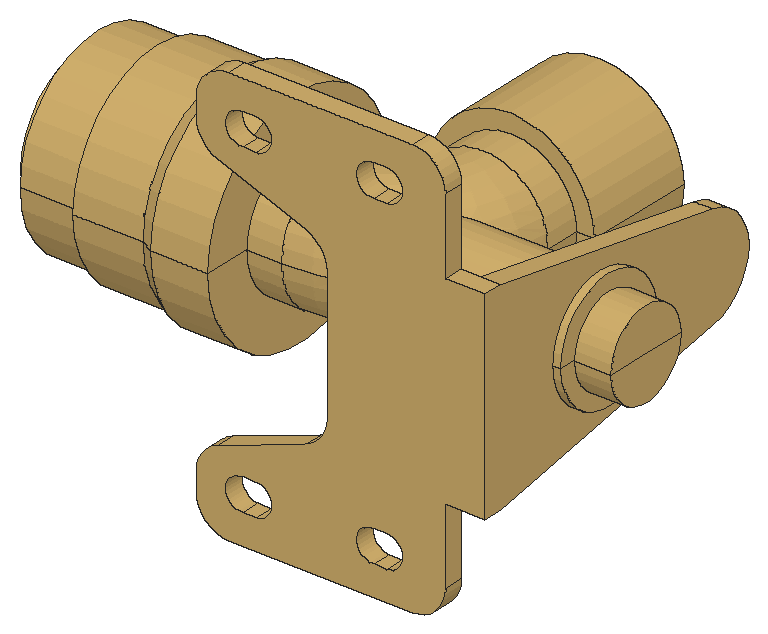
Revit family "Plumbing_Joints_Aignep_Braket-Fitting-90600", category Pipe Fittings, Revit 2018
Family settings
  Round Connector Dimension = Use Diameter
  Part Type = Elbow
  OmniClass Number = 23.27.43.00
  OmniClass Title = Pipe Fittings
  Work Plane-Based = No
  Always vertical = Yes
  Cut with Voids When Loaded = No
  Shared = No
Parameters (values of type "90600")
  b [instance] = if(or(Nominal Diameter 01 = 20.00 mm, Nominal Diameter 02 = 20.00 mm), 9.00 mm, if(or(Nominal Diameter 01 = 25.00 mm, Nominal Diameter 02 = 25.00 mm), 11.00 mm, 13.00 mm))  # 9.00 mm
  a [instance] = if(or(Nominal Diameter 01 = 20.00 mm, Nominal Diameter 02 = 20.00 mm), 2.50 mm, if(or(Nominal Diameter 01 = 25.00 mm, Nominal Diameter 02 = 25.00 mm), 4.00 mm, 7.00 mm))  # 2.50 mm
  Tick Size 02 [instance] = Nominal Diameter 02 * 0.4  # 5.08 mm
  R2L [instance] = if(or(Nominal Diameter 01 = 20.00 mm, Nominal Diameter 02 = 20.00 mm), 17.00 mm, if(or(Nominal Diameter 01 = 25.00 mm, Nominal Diameter 02 = 25.00 mm), 19.00 mm, 23.00 mm))  # 17.00 mm
  R1L [instance] = if(or(Nominal Diameter 01 = 20.00 mm, Nominal Diameter 02 = 20.00 mm), 33.00 mm, if(or(Nominal Diameter 01 = 25.00 mm, Nominal Diameter 02 = 25.00 mm), 40.00 mm, 47.00 mm))  # 33.00 mm
  QR code = "https://www.bimobject.com/aignep/product/braket-fitting-90600"
  Product url = "https://www.aignep.com/eng/Pipe-fittings-INFINITY/Air-Pipeline-INFINITY-Series/BRAKET-FITTING"
  Product name = "Braket Fitting - 90600"
  Product group = "Fittings"
  Product family = "INFINITY"
  Product certification = "https://www.aignep.com/eng/Certificazioni/FREE-OF-SILICON"
  Product SKU = "Braket-Fitting-90600"
  Product Material = AIGNEP - Brass - Yellow
  Product Guid = "fd5b7f00-749f-4a07-8844-952f2c548d83"
  OmniClass Description = "Pipe Fittings"
  OmniClass Code = "23-27 43 00"
  Nominal Diameter 02 [instance] = 12.700 mm
  Nominal Diameter 01 [instance] = 20.000 mm
  Material main = "Brass"
  Manufacturer name = "Aignep Spa"
  Manufacturer country = "Italy"
  Lmin [instance] = if(Nominal Diameter 01 > Nominal Diameter 02, size_lookup(Lookup Table Name, "Lmin", 0.00 mm, Nominal Diameter 01, Nominal Diameter 02), size_lookup(Lookup Table Name, "Lmin", 0.00 mm, Nominal Diameter 02, Nominal Diameter 01))  # 22.00 mm
  Lmax [instance] = if(Nominal Diameter 01 > Nominal Diameter 02, size_lookup(Lookup Table Name, "Lmax", 0.00 mm, Nominal Diameter 01, Nominal Diameter 02), size_lookup(Lookup Table Name, "Lmax", 0.00 mm, Nominal Diameter 02, Nominal Diameter 01))  # 40.00 mm
  L3 [instance] = if(Nominal Diameter 01 > Nominal Diameter 02, size_lookup(Lookup Table Name, "L3", 0.00 mm, Nominal Diameter 01, Nominal Diameter 02), size_lookup(Lookup Table Name, "L3", 0.00 mm, Nominal Diameter 02, Nominal Diameter 01))  # 35.00 mm
  L2 [instance] = if(Nominal Diameter 01 > Nominal Diameter 02, size_lookup(Lookup Table Name, "L2", 0.00 mm, Nominal Diameter 01, Nominal Diameter 02), size_lookup(Lookup Table Name, "L2", 0.00 mm, Nominal Diameter 02, Nominal Diameter 01))  # 51.00 mm
  L1 [instance] = if(Nominal Diameter 01 > Nominal Diameter 02, size_lookup(Lookup Table Name, "L1", 0.00 mm, Nominal Diameter 01, Nominal Diameter 02), size_lookup(Lookup Table Name, "L1", 0.00 mm, Nominal Diameter 02, Nominal Diameter 01))  # 35.00 mm
  L Control [instance] = if(L < Lmin, L, if(L > Lmax, Lmax, L))  # 22.00 mm
  L [instance] = 22.00 mm
  IFC Classification = "Pipe Fitting"
  E [instance] = if(Nominal Diameter 01 > Nominal Diameter 02, size_lookup(Lookup Table Name, "E", 0.00 mm, Nominal Diameter 01, Nominal Diameter 02), size_lookup(Lookup Table Name, "E", 0.00 mm, Nominal Diameter 02, Nominal Diameter 01))  # 34.50 mm
  Design country = "Italy"
  CH2 [instance] = if(Nominal Diameter 01 > Nominal Diameter 02, size_lookup(Lookup Table Name, "CH2", 0.00 mm, Nominal Diameter 01, Nominal Diameter 02), size_lookup(Lookup Table Name, "CH2", 0.00 mm, Nominal Diameter 02, Nominal Diameter 01))  # 30.00 mm
  CH1 [instance] = if(Nominal Diameter 01 > Nominal Diameter 02, size_lookup(Lookup Table Name, "CH1", 0.00 mm, Nominal Diameter 01, Nominal Diameter 02), size_lookup(Lookup Table Name, "CH1", 0.00 mm, Nominal Diameter 02, Nominal Diameter 01))  # 21.00 mm
  BIMobject category = "Joints"
  B [instance] = if(Nominal Diameter 01 > Nominal Diameter 02, size_lookup(Lookup Table Name, "B", 0.00 mm, Nominal Diameter 01, Nominal Diameter 02), size_lookup(Lookup Table Name, "B", 0.00 mm, Nominal Diameter 02, Nominal Diameter 01))  # 31.50 mm
  Description = "Braket Fitting"
  URL = "https://www.aignep.com/"
  Tick Size 01 [instance] = Nominal Diameter 01 * 0.4  # 8.00 mm
  Product data url = "https://www.bimobject.com/aignep/product/braket-fitting-90600"
  Model = "90600"
  Manufacturer = "Aignep Spa"
  Lookup Table Name = "Braket Fitting - 90600"
  Keynote = "15410"
  Edition number = 1
  D [instance] = if(Nominal Diameter 01 > Nominal Diameter 02, size_lookup(Lookup Table Name, "D", 0.00 mm, Nominal Diameter 01, Nominal Diameter 02), size_lookup(Lookup Table Name, "D", 0.00 mm, Nominal Diameter 02, Nominal Diameter 01))  # 20.00 mm
  F [instance] = if(Nominal Diameter 01 > Nominal Diameter 02, size_lookup(Lookup Table Name, "F", 0.00 mm, Nominal Diameter 01, Nominal Diameter 02), size_lookup(Lookup Table Name, "F", 0.00 mm, Nominal Diameter 02, Nominal Diameter 01))  # 12.70 mm
  C [instance] = if(Nominal Diameter 01 > Nominal Diameter 02, size_lookup(Lookup Table Name, "C", 0.00 mm, Nominal Diameter 01, Nominal Diameter 02), size_lookup(Lookup Table Name, "C", 0.00 mm, Nominal Diameter 02, Nominal Diameter 01))  # 19.50 mm
  Assembly Code = "D2040100"
  Article Code [instance] = if(Nominal Diameter 01 > Nominal Diameter 02, size_lookup(Lookup Table Name, "", "", Nominal Diameter 01, Nominal Diameter 02), size_lookup(Lookup Table Name, "", "", Nominal Diameter 02, Nominal Diameter 01))  # "90600 00 001"
  A [instance] = if(or(Nominal Diameter 01 = 20.00 mm, Nominal Diameter 02 = 20.00 mm), 15.00 mm, if(or(Nominal Diameter 01 = 25.00 mm, Nominal Diameter 02 = 25.00 mm), 17.00 mm, 19.00 mm))  # 15.00 mm
Reference planes
  plane 1 "Center (Front/Back)": y = 0
  plane 2: z = 0
  plane 3 "Center (Left/Right)": x = 0
  plane 4: x = -51
  plane 5: y = 35
  plane 6: x = -19.5
  plane 7: y = 18
  plane 8: x = -18
  plane 9: x = -6.35
  plane 10: x = 6.35
  plane 11: y = 10
  plane 12: y = -10
  plane 13: y = 17.25
  plane 14: y = -17.25
  plane 15: x = 35
  plane 16: y = -22
  plane 17: y = 20
  plane 18: y = 15
  plane 19: y = -15
Forms (mm)
  Sweep 1, solid, material "AIGNEP - Brass - Yellow" <- "Product Material", detail levels fine
    path origin (-24.284, 43.754, 0) x (-1, 0, 0) y (0, -1, 0)
      loop
        line (-6.284, 43.754) -> (-11.652, 43.754)
        arc (-11.652, 43.754) -> (-20.584, 40.054) -> (-24.284, 31.121) r 12.632
        line (-24.284, 31.121) -> (-24.284, 25.754)
    profile origin (-15.316, 0, 0) x (0, 1, 0) y (0, 0, 1)
      loop
        circle (0, 0) r 10
  Revolve 2, solid, material "AIGNEP - Brass - Yellow" <- "Product Material", detail levels fine
    sketch origin (-24.284, 43.754, 0) x (-1, 0, 0) y (0, -1, 0)
      loop
        line (-6.284, 43.754) -> (-6.284, 26.504) -> (2.478, 26.504) -> (4.665, 27.618) -> (15.216, 27.618) -> (15.216, 28.754) -> (24.216, 28.754) -> (24.216, 32.018) -> (26.716, 32.018) -> (26.716, 43.754) -> (-6.284, 43.754)
      axis (26.716, 43.754) -> (-6.284, 43.754)
    angle from 0 to 360
  Revolve 3, solid, material "AIGNEP - Brass - Yellow" <- "Product Material", detail levels fine
    sketch origin (-24.284, 43.754, 0) x (-1, 0, 0) y (0, -1, 0)
      loop
        line (-24.284, 25.754) -> (-37.038, 25.754) -> (-37.038, 8.754) -> (-24.284, 8.754) -> (-24.284, 25.754)
      axis (-24.284, 25.754) -> (-24.284, 8.754)
    angle from 0 to 360
  Revolve 4, solid, material "AIGNEP - Brass - Yellow" <- "Product Material", detail levels fine
    sketch origin (0, 0, 0) x (1, 0, 0) y (0, 1, 0)
      loop
        line (-6.35, 0) -> (35, 0) -> (35, 6.675) -> (29.395, 6.675) -> (29.395, 9.125) -> (28, 9.125) -> (28, 7.491) -> (-6.35, 7.491) -> (-6.35, 0)
      axis (35, 0) -> (-6.35, 0)
    angle from 0 to 360
  Sweep 5, solid, not visible
    path origin (0, 0, 0) x (1, 0, 0) y (0, 1, 0)
      loop
        line (0, 20) -> (0, 14.114)
        arc (0, 14.114) -> (-4.134, 4.134) -> (-14.114, 0) r 14.114
        line (-14.114, 0) -> (-19.5, 0)
    profile origin (-16.807, 0, 0) x (0, -1, 0) y (0, 0, 1)
      loop
        circle (0, 0) r 2.965
Cuts and joins
  joined: Sweep 1, Revolve 4
Lines and regions (mm)
  model lines, detail levels coarse+medium
    curve 1: line (-19.5, 8, 0) -> (-19.5, -8, 0)
    curve 2: line (-5.08, 20, 0) -> (5.08, 20, 0)
    curve 3: line (-19.5, 0, 0) -> (-13.667, 0, 0)
    curve 4: line (0, 13.667, 0) -> (0, 20, 0)
    curve 5: arc (-13.667, 0, 0) -> (-4.003, 4.003, 0) -> (0, 13.667, 0) r 13.667
Dimensions and locks
  equal spacing: plane 12, plane 1 "Center (Front/Back)", plane 11
  equal spacing: plane 14, plane 1 "Center (Front/Back)", plane 13
  equal spacing: plane 9, plane 3 "Center (Left/Right)", plane 10
  "F": plane 9 to plane 10
  "B": plane 4 to plane 6
  "R1L": plane 4 to plane 8
  "R2L": plane 5 to plane 7
  "E": plane 14 to plane 13
  "D": plane 12 to plane 11
  "L2": plane 4 to plane 3 "Center (Left/Right)"
  "L1": plane 3 "Center (Left/Right)" to plane 15
  "L3": plane 1 "Center (Front/Back)" to plane 5
  Revolve 2 sketch curve to Revolve 2 sketch curve to Revolve 2 sketch curve = 2.187 mm locked, 8.762 mm locked
  locked: plane 11 to Revolve 2 sketch curve at 1.735
  "a": Revolve 2 sketch curve to Revolve 2 sketch curve
  "b": Revolve 2 sketch curve to Revolve 2 sketch curve
  locked: plane 10 to Revolve 3 sketch curve at 6.404
  plane 1 "Center (Front/Back)" to Revolve 4 sketch curve to Revolve 4 sketch curve to Revolve 4 sketch curve = 6.675 mm locked, 0.815 mm locked, 1.634 mm locked
  Revolve 4 sketch curve to Revolve 4 sketch curve to plane 15 = 1.395 mm locked, 5.605 mm locked
  "L Control": plane 16 to plane 1 "Center (Front/Back)"
  "A": plane 5 to plane 17
  equal spacing: curve 1, plane 1 "Center (Front/Back)", curve 1
  "Tick Size 01": plane 1 "Center (Front/Back)" to curve 1
  equal spacing: curve 2, plane 3 "Center (Left/Right)", curve 2
  "Tick Size 02": curve 2 to plane 3 "Center (Left/Right)"
  locked: Revolve 2 sketch curve to plane 13 at 1.114
  equal spacing: plane 19, plane 1 "Center (Front/Back)", plane 18
  "CH2": plane 18 to plane 19
  "D": diameter of Sweep 1 sketch curve
  aligned and locked: level to plane 2
  aligned and locked: Revolve 2 sketch curve to plane 1 "Center (Front/Back)"
  aligned and locked: plane 1 "Center (Front/Back)" to Revolve 2 sketch curve
  aligned and locked: Revolve 2 sketch curve to plane 8
  aligned and locked: plane 13 to Revolve 2 sketch curve
  aligned and locked: Revolve 2 sketch curve to plane 4
  aligned and locked: plane 3 "Center (Left/Right)" to Revolve 3 sketch curve  (x2)
  aligned and locked: Revolve 3 sketch curve to plane 5
  aligned and locked: plane 7 to Revolve 3 sketch curve
  aligned and locked: plane 3 "Center (Left/Right)" to Sweep 1 sketch curve
  aligned and locked: plane 7 to Sweep 1 sketch curve
  aligned and locked: plane 8 to Sweep 1 sketch curve
  aligned and locked: Revolve 4 sketch curve to plane 9
  aligned and locked: plane 1 "Center (Front/Back)" to Revolve 4 sketch curve
  aligned and locked: plane 15 to Revolve 4 sketch curve
  aligned and locked: Revolve 4 sketch curve to plane 1 "Center (Front/Back)"
  aligned and locked: plane 15 to nested 1
  aligned and locked: nested 1 to plane 16
  aligned and locked: plane 6 to Sweep 5 sketch curve
  aligned and locked: plane 17 to Sweep 5 sketch curve
  aligned and locked: Sweep 5 sketch curve to plane 3 "Center (Left/Right)"
  aligned and locked: Sweep 5 sketch curve to plane 1 "Center (Front/Back)"
  aligned and locked: curve 1 to plane 6
  aligned and locked: curve 2 to plane 17
  aligned and locked: plane 1 "Center (Front/Back)" to curve 3
  aligned and locked: plane 6 to curve 3
  aligned and locked: plane 17 to curve 4
  aligned and locked: plane 3 "Center (Left/Right)" to curve 4
  aligned and locked: Revolve 2 sketch curve to plane 18
Automatic sketch dimensions
  Revolve 3 sketch curve to plane 5 = 0.00 mm
  Revolve 3 sketch curve to Revolve 3 sketch curve = 10.00 mm
  plane 1 "Center (Front/Back)" to Sweep 1 sketch curve = 0.00 mm
  Sweep 1 sketch curve to plane 11 = 2.632 mm
  plane 8 to Revolve 4 sketch curve = 4.853 mm
  Revolve 4 sketch curve to plane 10 = 7.975 mm
  Sweep 5 sketch curve to plane 11 = 4.114 mm
  Sweep 5 sketch curve to level = 0.00 mm
  Sweep 5 sketch curve to profile plane = 0.00 mm
  plane 13 to curve 5 = 3.583 mm
  Sweep 1 sketch curve to profile plane = 0.00 mm  (x2)
  Revolve 2 sketch curve to plane 9 = 2.427 mm
  Revolve 2 sketch curve to plane 6 = 8.073 mm
  radius of Sweep 5 sketch curve = 2.965 mm
Nested families
  nested 1: "Geometry" at (35, -22, 0) x (1, 0, 0) z (0, 1, 0), type "Geometry", detail levels fine
Connectors
  piping at (-19.5, 0, 0), diameter 20, driven by "Nominal Diameter 01"
    settings: on Sweep 5, index 1, connector inside diameter 609.600 mm, connector length 0.00 mm, flow factor 0, pipe flow 0.0 L/s, pressure drop 0.0 Pa, fitting loss kfactor 0, connector angle 0.00°, fixture units 0, engagement length 0.00 mm, angle of deflection 0.00°, flow configuration 0, flow direction 0, fitting loss method 0, system type 28, joint type 0, gender type 0, connector reference index 2, connector utility 0, adjustable connector no, is connector primary yes, connector description ""
  piping at (0, 20, 0), diameter 12.7, driven by "Nominal Diameter 02"
    settings: on Sweep 5, index 2, connector inside diameter 609.600 mm, connector length 0.00 mm, flow factor 0, pipe flow 0.0 L/s, pressure drop 0.0 Pa, fitting loss kfactor 0, connector angle 0.00°, fixture units 0, engagement length 0.00 mm, angle of deflection 0.00°, flow configuration 0, flow direction 0, fitting loss method 0, system type 28, joint type 0, gender type 0, connector reference index 1, connector utility 0, adjustable connector no, is connector primary no, connector description ""
Definition of nested family "Geometry"
  Parameters (values of type "Geometry")
    Material = none
    Default Elevation = 1219.20 mm
  Reference planes
    plane 1 "Center (Front/Back)": y = 0
    plane 2: z = 0
    plane 3 "Center (Left/Right)": x = 0
  Forms (mm)
    Extrusion 1, solid, material <- "Material"
      sketch origin (0, -17.89, 0) x (1, 0, 0) y (0, 1, 0)
        loop
          line (-18, 49.89) -> (-46, 49.89)
          arc (-46, 49.89) -> (-49.536, 48.426) -> (-51, 44.89) r 5
          line (-51, 44.89) -> (-51, 42.171)
          arc (-51, 42.171) -> (-50.096, 39.303) -> (-47.71, 37.472) r 5
          line (-47.71, 37.472) -> (-34.29, 32.588)
          arc (-34.29, 32.588) -> (-31.904, 30.757) -> (-31, 27.889) r 5
          line (-31, 27.889) -> (-31, 7.891)
          arc (-31, 7.891) -> (-31.904, 5.023) -> (-34.29, 3.193) r 5
          line (-34.29, 3.193) -> (-47.71, -1.692)
          arc (-47.71, -1.692) -> (-50.096, -3.522) -> (-51, -6.39) r 5
          line (-51, -6.39) -> (-51, -9.11)
          arc (-51, -9.11) -> (-49.536, -12.645) -> (-46, -14.11) r 5
          line (-46, -14.11) -> (-18, -14.11)
          arc (-18, -14.11) -> (-14.464, -12.645) -> (-13, -9.11) r 5
          line (-13, -9.11) -> (-13, 2.495) -> (-10, 2.495) -> (-10, 33.285) -> (-13, 33.285) -> (-13, 44.89)
          arc (-13, 44.89) -> (-14.464, 48.426) -> (-18, 49.89) r 5
        loop
          arc (-44, 45.39) -> (-46.5, 42.89) -> (-44, 40.39) r 2.5
          line (-44, 40.39) -> (-42, 40.39)
          arc (-42, 40.39) -> (-40.232, 41.122) -> (-39.5, 42.89) r 2.5
          arc (-39.5, 42.89) -> (-40.232, 44.658) -> (-42, 45.39) r 2.5
          line (-42, 45.39) -> (-44, 45.39)
        loop
          arc (-24, 45.39) -> (-26.5, 42.89) -> (-24, 40.39) r 2.5
          line (-24, 40.39) -> (-22, 40.39)
          arc (-22, 40.39) -> (-20.232, 41.122) -> (-19.5, 42.89) r 2.5
          arc (-19.5, 42.89) -> (-20.232, 44.658) -> (-22, 45.39) r 2.5
          line (-22, 45.39) -> (-24, 45.39)
        loop
          arc (-24, -4.61) -> (-26.5, -7.11) -> (-24, -9.61) r 2.5
          line (-24, -9.61) -> (-22, -9.61)
          arc (-22, -9.61) -> (-20.232, -8.878) -> (-19.5, -7.11) r 2.5
          arc (-19.5, -7.11) -> (-20.232, -5.342) -> (-22, -4.61) r 2.5
          line (-22, -4.61) -> (-24, -4.61)
        loop
          arc (-44, -4.61) -> (-46.5, -7.11) -> (-44, -9.61) r 2.5
          line (-44, -9.61) -> (-42, -9.61)
          arc (-42, -9.61) -> (-40.232, -8.878) -> (-39.5, -7.11) r 2.5
          arc (-39.5, -7.11) -> (-40.232, -5.342) -> (-42, -4.61) r 2.5
          line (-42, -4.61) -> (-44, -4.61)
      from 0 to 3
    Extrusion 2, solid, material <- "Material"
      sketch origin (0, 0, 0) x (0, 1, 0) y (0, 0, 1)
        loop
          line (-15.395, 0) -> (15.395, 0) -> (15.395, 3) -> (7.893, 43.629)
          arc (7.893, 43.629) -> (0, 50.323) -> (-7.893, 43.629) r 8
          line (-7.893, 43.629) -> (-15.395, 3) -> (-15.395, 0)
      from -10 to -7
  Cuts and joins
    joined: Extrusion 1, Extrusion 2
  Dimensions and locks
    aligned and locked: level to plane 2
